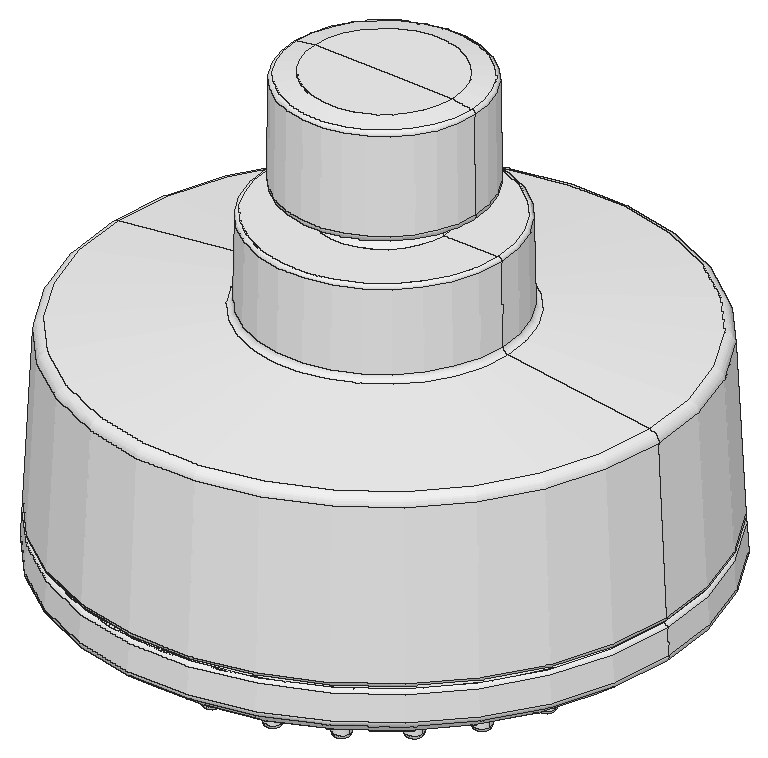
Revit family "Shower_Head-GROHE-Cosmopolitan_100-27591_Series", category Plumbing Fixtures, Revit 2014
Parameters (values of type "27591000")
  Width = 3 15/16"
  Waste Connection = no
  Warranty Information = "Limited Lifetime Warranty"
  WFU = 4
  Vent Connection = no
  URL = "http://www.grohe.com/"
  Product Page URL = "http://www.grohe.com/ca-en/6422/showers/hand-showers-shower-sets/tempesta-cosmopolitan/product-details/?product=27591-G290&color=000&material=27591EN0"
  Price = "Prices may vary. Please consult Manufacturer Representative for most up-to-date price list."  # constant formula
  Model = "27591000"
  Material = "Metal-Grohe-000-Chrome"
  Manufacturer = "GROHE"
  Height = 3 79/256"
  HWFU = 3
  HW Connection = yes
  Flow Rate = "2.5 gpm at 80 psi (9.5 L/min)"
  Finish = Metal-Grohe-000-Chrome
  Description = "New Tempesta Cosmopolitan 100."
  Default Elevation = 0"
  Creation Date = "11/11/2016"
  Connection Diameter = 1/2"
  CWFU = 2
  CW Connection = yes
  Assembly Code = "D2010700"
Types (3): name | Product Page URL | Model | Material | Finish
  (no name) | "http://www.grohe.com/ca-en/6422/showers/hand-showers-shower-sets/tempesta-cosmopolitan/product-details/?product=27591-G290&color=000&material=27591EN0" | "27591000" | "Metal-Grohe-000-Chrome" | Metal-Grohe-000-Chrome
  27591000 | "http://www.grohe.com/ca-en/6422/showers/hand-showers-shower-sets/tempesta-cosmopolitan/product-details/?product=27591-G290&color=000&material=27591EN0" | "27591000" | "Metal-Grohe-000-Chrome" | Metal-Grohe-000-Chrome
  27591EN0 | "http://www.grohe.com/ca-en/6422/showers/hand-showers-shower-sets/tempesta-cosmopolitan/product-details/?product=27591-G290&color=EN0&material=27591000" | "27591EN0" | "Metal-Grohe-EN0-Brushed Nickel" | Metal-Grohe-EN0-Brushed Nickel
Reference planes (in)
  plane 1 "Center (Front/Back)": y = 0
  plane 2: z = 0
  plane 3 "Center (Left/Right)": x = 0
  plane 4: z = -3.30859
  plane 5: x = 1.96875
  plane 6: x = -1.96875
Forms (in)
  Revolve 1, solid, material "Metal-Grohe-000-Chrome"
    sketch origin (0, 0, 0) x (1, 0, 0) y (0, 0, 1)
      loop
        line (0.62963, -0.66137) -> (0.6243, -0.04987)
        arc (0.6243, -0.04987) -> (0.61777, -0.03231) -> (0.60153, -0.02297) r 0.02756
        line (0.60153, -0.02297) -> (0.47124, 0) -> (0, 0) -> (0, -3.30341) -> (0.35265, -3.30341)
        arc (0.35265, -3.30341) -> (0.42531, -3.2875) -> (0.4895, -3.24992) r 0.23774
        arc (0.4895, -3.24992) -> (0.98765, -3.1992) -> (1.48507, -3.1417) r 36.71042
        arc (1.48507, -3.1417) -> (1.62894, -3.11169) -> (1.7658, -3.05813) r 0.87879
        arc (1.7658, -3.05813) -> (1.78175, -3.05446) -> (1.79598, -3.04636) r 0.05633
        arc (1.79598, -3.04636) -> (1.87067, -2.99765) -> (1.94049, -2.94218) r 0.95456
        arc (1.94049, -2.94218) -> (1.95079, -2.92794) -> (1.95384, -2.91063) r 0.03917
        line (1.95384, -2.91063) -> (1.94486, -2.73969)
        arc (1.94486, -2.73969) -> (1.93544, -2.72612) -> (1.92069, -2.71869) r 0.03357
        line (1.92069, -2.71869) -> (1.84693, -2.71869) -> (1.82174, -2.699) -> (1.92176, -2.699)
        arc (1.92176, -2.699) -> (1.93591, -2.69292) -> (1.94124, -2.67848) r 0.0195
        line (1.94124, -2.67848) -> (1.88604, -1.62519)
        arc (1.88604, -1.62519) -> (1.86796, -1.58151) -> (1.82642, -1.55892) r 0.07087
        arc (1.82642, -1.55892) -> (1.3395, -1.49166) -> (0.8502, -1.44473) r 11.81102
        arc (0.8502, -1.44473) -> (0.82451, -1.4325) -> (0.81377, -1.40615) r 0.03937
        line (0.81377, -1.40615) -> (0.80474, -0.88875)
        arc (0.80474, -0.88875) -> (0.79768, -0.87231) -> (0.78112, -0.86554) r 0.02362
        line (0.78112, -0.86554) -> (0.40709, -0.86554) -> (0.36417, -0.82262) -> (0.36417, -0.75728)
        arc (0.36417, -0.75728) -> (0.37378, -0.72499) -> (0.39948, -0.70321) r 0.05906
        line (0.39948, -0.70321) -> (0.58815, -0.70321)
        arc (0.58815, -0.70321) -> (0.61761, -0.69093) -> (0.62963, -0.66137) r 0.04148
      axis (0, 0) -> (0, -3.30341)
    angle from 0 to 360
  Extrusion 2, solid, material "Metal-Grohe-000-Chrome"
    sketch origin (0, 0, 0) x (0, 1, 0) y (0, 0, 1)
      loop
        arc (2.76106, -2.89823) -> (2.76275, -2.88209) -> (2.75148, -2.87041) r 0.0192
        line (2.75148, -2.87041) -> (2.11117, -2.62462)
        arc (2.11117, -2.62462) -> (2.07214, -2.62446) -> (2.04153, -2.64868) r 0.05907
        line (2.04153, -2.64868) -> (1.99909, -2.71567)
        arc (1.99909, -2.71567) -> (1.98669, -2.72733) -> (1.9702, -2.73156) r 0.0342
        line (1.9702, -2.73156) -> (1.93062, -2.73156) -> (1.79627, -2.73156) -> (1.79627, -3.05147) -> (2.41947, -3.4279)
        arc (2.41947, -3.4279) -> (2.43459, -3.43019) -> (2.44689, -3.4211) r 0.01995
        line (2.44689, -3.4211) -> (2.76106, -2.89823)
    from -0.07874 to 0.07874
  Revolve 3, solid, material "Metal-Grohe-000-Chrome"
    sketch origin (-0.17258, 0, -0.07227) x (1, 0, 0) y (0, 0, 1)
      loop
        line (1.04554, -3.11087) -> (1.04554, -3.20633)
        arc (1.04554, -3.20633) -> (1.06519, -3.20391) -> (1.08439, -3.19913) r 0.16337
        arc (1.08439, -3.19913) -> (1.09702, -3.19009) -> (1.10186, -3.17532) r 0.02495
        line (1.10186, -3.17532) -> (1.10186, -3.11087)
        arc (1.10186, -3.11087) -> (1.0737, -3.10757) -> (1.04554, -3.11087) r 0.12166
      axis (1.04554, -3.11087) -> (1.04554, -3.20633)
    angle from 0 to 360
  Revolve 4, solid, material "Metal-Grohe-000-Chrome"
    sketch origin (0.1286, 0, -0.05664) x (1, 0, 0) y (0, 0, 1)
      loop
        line (1.04554, -3.11087) -> (1.04554, -3.20633)
        arc (1.04554, -3.20633) -> (1.06519, -3.20391) -> (1.08439, -3.19913) r 0.16337
        arc (1.08439, -3.19913) -> (1.09702, -3.19009) -> (1.10186, -3.17532) r 0.02495
        line (1.10186, -3.17532) -> (1.10186, -3.11087)
        arc (1.10186, -3.11087) -> (1.0737, -3.10757) -> (1.04554, -3.11087) r 0.12166
      axis (1.04554, -3.11087) -> (1.04554, -3.20633)
    angle from 0 to 360
  Revolve 5, solid, material "Metal-Grohe-000-Chrome"
    sketch origin (0.42978, 0, -0.05664) x (1, 0, 0) y (0, 0, 1)
      loop
        line (1.04554, -3.06233) -> (1.04554, -3.20633)
        arc (1.04554, -3.20633) -> (1.06519, -3.20391) -> (1.08439, -3.19913) r 0.16337
        arc (1.08439, -3.19913) -> (1.09702, -3.19009) -> (1.10186, -3.17532) r 0.02495
        line (1.10186, -3.17532) -> (1.10186, -3.06305)
        arc (1.10186, -3.06305) -> (1.07374, -3.05939) -> (1.04554, -3.06233) r 0.12166
      axis (1.04554, -3.06233) -> (1.04554, -3.20633)
    angle from 0 to 360
  Revolve 6, solid, material "Metal-Grohe-000-Chrome"
    sketch origin (0.08839, -0.30739, -0.05664) x (1, 0, 0) y (0, 0, 1)
      loop
        line (1.04554, -3.11087) -> (1.04554, -3.20633)
        arc (1.04554, -3.20633) -> (1.06519, -3.20391) -> (1.08439, -3.19913) r 0.16337
        arc (1.08439, -3.19913) -> (1.09702, -3.19009) -> (1.10186, -3.17532) r 0.02495
        line (1.10186, -3.17532) -> (1.10186, -3.11087)
        arc (1.10186, -3.11087) -> (1.0737, -3.10757) -> (1.04554, -3.11087) r 0.12166
      axis (1.04554, -3.11087) -> (1.04554, -3.20633)
    angle from 0 to 360
  Revolve 7, solid, material "Metal-Grohe-000-Chrome"
    sketch origin (0.37931, -0.38534, -0.05664) x (1, 0, 0) y (0, 0, 1)
      loop
        line (1.04554, -3.07572) -> (1.04554, -3.20633)
        arc (1.04554, -3.20633) -> (1.06519, -3.20391) -> (1.08439, -3.19913) r 0.16337
        arc (1.08439, -3.19913) -> (1.09702, -3.19009) -> (1.10186, -3.17532) r 0.02495
        line (1.10186, -3.17532) -> (1.10186, -3.07572)
        arc (1.10186, -3.07572) -> (1.0737, -3.07241) -> (1.04554, -3.07572) r 0.12166
      axis (1.04554, -3.07572) -> (1.04554, -3.20633)
    angle from 0 to 360
  Revolve 8, solid, material "Metal-Grohe-000-Chrome"
    sketch origin (0.22978, -0.75543, -0.05664) x (1, 0, 0) y (0, 0, 1)
      loop
        line (1.04554, -3.07817) -> (1.04554, -3.20633)
        arc (1.04554, -3.20633) -> (1.06519, -3.20391) -> (1.08439, -3.19913) r 0.16337
        arc (1.08439, -3.19913) -> (1.09702, -3.19009) -> (1.10186, -3.17532) r 0.02495
        line (1.10186, -3.17532) -> (1.10186, -3.07721)
        arc (1.10186, -3.07721) -> (1.07365, -3.07439) -> (1.04554, -3.07817) r 0.12166
      axis (1.04554, -3.07721) -> (1.04554, -3.20633)
    angle from 0 to 360
  Revolve 9, solid, material "Metal-Grohe-000-Chrome"
    sketch origin (-0.02941, -0.58711, -0.05664) x (1, 0, 0) y (0, 0, 1)
      loop
        line (1.04554, -3.11087) -> (1.04554, -3.20633)
        arc (1.04554, -3.20633) -> (1.06519, -3.20391) -> (1.08439, -3.19913) r 0.16337
        arc (1.08439, -3.19913) -> (1.09702, -3.19009) -> (1.10186, -3.17532) r 0.02495
        line (1.10186, -3.17532) -> (1.10186, -3.11087)
        arc (1.10186, -3.11087) -> (1.0737, -3.10757) -> (1.04554, -3.11087) r 0.12166
      axis (1.04554, -3.11087) -> (1.04554, -3.20633)
    angle from 0 to 360
  Revolve 10, solid, material "Metal-Grohe-000-Chrome"
    sketch origin (-0.21794, -0.84659, -0.05664) x (1, 0, 0) y (0, 0, 1)
      loop
        line (1.04554, -3.11087) -> (1.04554, -3.20633)
        arc (1.04554, -3.20633) -> (1.06519, -3.20391) -> (1.08439, -3.19913) r 0.16337
        arc (1.08439, -3.19913) -> (1.09702, -3.19009) -> (1.10186, -3.17532) r 0.02495
        line (1.10186, -3.17532) -> (1.10186, -3.11087)
        arc (1.10186, -3.11087) -> (1.0737, -3.10757) -> (1.04554, -3.11087) r 0.12166
      axis (1.04554, -3.11087) -> (1.04554, -3.20633)
    angle from 0 to 360
  Revolve 11, solid, material "Metal-Grohe-000-Chrome"
    sketch origin (-0.61161, -0.76291, -0.07227) x (1, 0, 0) y (0, 0, 1)
      loop
        line (1.04554, -3.11087) -> (1.04554, -3.20633)
        arc (1.04554, -3.20633) -> (1.06519, -3.20391) -> (1.08439, -3.19913) r 0.16337
        arc (1.08439, -3.19913) -> (1.09702, -3.19009) -> (1.10186, -3.17532) r 0.02495
        line (1.10186, -3.17532) -> (1.10186, -3.11087)
        arc (1.10186, -3.11087) -> (1.0737, -3.10757) -> (1.04554, -3.11087) r 0.12166
      axis (1.04554, -3.11087) -> (1.04554, -3.20633)
    angle from 0 to 360
  Revolve 12, solid, material "Metal-Grohe-000-Chrome"
    sketch origin (-0.46146, -1.0128, -0.05664) x (1, 0, 0) y (0, 0, 1)
      loop
        line (1.04554, -3.11087) -> (1.04554, -3.20633)
        arc (1.04554, -3.20633) -> (1.06519, -3.20391) -> (1.08439, -3.19913) r 0.16337
        arc (1.08439, -3.19913) -> (1.09702, -3.19009) -> (1.10186, -3.17532) r 0.02495
        line (1.10186, -3.17532) -> (1.10186, -3.11087)
        arc (1.10186, -3.11087) -> (1.0737, -3.10757) -> (1.04554, -3.11087) r 0.12166
      axis (1.04554, -3.11087) -> (1.04554, -3.20633)
    angle from 0 to 360
  Revolve 13, solid, material "Metal-Grohe-000-Chrome"
    sketch origin (-0.00382, -1.0448, -0.05664) x (1, 0, 0) y (0, 0, 1)
      loop
        line (1.04554, -3.0662) -> (1.04554, -3.20633)
        arc (1.04554, -3.20633) -> (1.06519, -3.20391) -> (1.08439, -3.19913) r 0.16337
        arc (1.08439, -3.19913) -> (1.09702, -3.19009) -> (1.10186, -3.17532) r 0.02495
        line (1.10186, -3.17532) -> (1.10186, -3.06647)
        arc (1.10186, -3.06647) -> (1.07372, -3.06303) -> (1.04554, -3.0662) r 0.12166
      axis (1.04554, -3.0662) -> (1.04554, -3.20633)
    angle from 0 to 360
  Revolve 14, solid, material "Metal-Grohe-000-Chrome"
    sketch origin (-0.31042, -1.28434, -0.05664) x (1, 0, 0) y (0, 0, 1)
      loop
        line (1.04554, -3.07603) -> (1.04554, -3.20633)
        arc (1.04554, -3.20633) -> (1.06519, -3.20391) -> (1.08439, -3.19913) r 0.16337
        arc (1.08439, -3.19913) -> (1.09702, -3.19009) -> (1.10186, -3.17532) r 0.02495
        line (1.10186, -3.17532) -> (1.10186, -3.07631)
        arc (1.10186, -3.07631) -> (1.07372, -3.07286) -> (1.04554, -3.07603) r 0.12166
      axis (1.04554, -3.07603) -> (1.04554, -3.20633)
    angle from 0 to 360
  Revolve 15, solid, material "Metal-Grohe-000-Chrome"
    sketch origin (-0.66741, -1.42858, -0.05664) x (1, 0, 0) y (0, 0, 1)
      loop
        line (1.04554, -3.11087) -> (1.04554, -3.20633)
        arc (1.04554, -3.20633) -> (1.06519, -3.20391) -> (1.08439, -3.19913) r 0.16337
        arc (1.08439, -3.19913) -> (1.09702, -3.19009) -> (1.10186, -3.17532) r 0.02495
        line (1.10186, -3.17532) -> (1.10186, -3.11087)
        arc (1.10186, -3.11087) -> (1.0737, -3.10757) -> (1.04554, -3.11087) r 0.12166
      axis (1.04554, -3.11087) -> (1.04554, -3.20633)
    angle from 0 to 360
  Revolve 16, solid, material "Metal-Grohe-000-Chrome"
    sketch origin (-0.74536, -1.13766, -0.05664) x (1, 0, 0) y (0, 0, 1)
      loop
        line (1.04554, -3.11087) -> (1.04554, -3.20633)
        arc (1.04554, -3.20633) -> (1.06519, -3.20391) -> (1.08439, -3.19913) r 0.16337
        arc (1.08439, -3.19913) -> (1.09702, -3.19009) -> (1.10186, -3.17532) r 0.02495
        line (1.10186, -3.17532) -> (1.10186, -3.11087)
        arc (1.10186, -3.11087) -> (1.0737, -3.10757) -> (1.04554, -3.11087) r 0.12166
      axis (1.04554, -3.11087) -> (1.04554, -3.20633)
    angle from 0 to 360
  Revolve 17, solid, material "Metal-Grohe-000-Chrome"
    sketch origin (-1.05088, -1.18605, -0.05664) x (1, 0, 0) y (0, 0, 1)
      loop
        line (1.04554, -3.11087) -> (1.04554, -3.20633)
        arc (1.04554, -3.20633) -> (1.06519, -3.20391) -> (1.08439, -3.19913) r 0.16337
        arc (1.08439, -3.19913) -> (1.09702, -3.19009) -> (1.10186, -3.17532) r 0.02495
        line (1.10186, -3.17532) -> (1.10186, -3.11087)
        arc (1.10186, -3.11087) -> (1.0737, -3.10757) -> (1.04554, -3.11087) r 0.12166
      axis (1.04554, -3.11087) -> (1.04554, -3.20633)
    angle from 0 to 360
  Revolve 18, solid, material "Metal-Grohe-000-Chrome"
    sketch origin (-1.05088, -1.4733, -0.05664) x (1, 0, 0) y (0, 0, 1)
      loop
        line (1.04554, -3.08037) -> (1.04554, -3.20633)
        arc (1.04554, -3.20633) -> (1.06519, -3.20391) -> (1.08439, -3.19913) r 0.16337
        arc (1.08439, -3.19913) -> (1.09702, -3.19009) -> (1.10186, -3.17532) r 0.02495
        line (1.10186, -3.17532) -> (1.10186, -3.08203)
        arc (1.10186, -3.08203) -> (1.0738, -3.0779) -> (1.04554, -3.08037) r 0.12166
      axis (1.04554, -3.08037) -> (1.04554, -3.20633)
    angle from 0 to 360
  Revolve 19, solid, material "Metal-Grohe-000-Chrome"
    sketch origin (-1.05088, -0.73413, -0.07227) x (1, 0, 0) y (0, 0, 1)
      loop
        line (1.04554, -3.11087) -> (1.04554, -3.20633)
        arc (1.04554, -3.20633) -> (1.06519, -3.20391) -> (1.08439, -3.19913) r 0.16337
        arc (1.08439, -3.19913) -> (1.09702, -3.19009) -> (1.10186, -3.17532) r 0.02495
        line (1.10186, -3.17532) -> (1.10186, -3.11087)
        arc (1.10186, -3.11087) -> (1.0737, -3.10757) -> (1.04554, -3.11087) r 0.12166
      axis (1.04554, -3.11087) -> (1.04554, -3.20633)
    angle from 0 to 360
  Revolve 20, solid, material "Metal-Grohe-000-Chrome"
    sketch origin (-0.40903, -0.36356, -0.07227) x (1, 0, 0) y (0, 0, 1)
      loop
        line (1.04554, -3.11087) -> (1.04554, -3.20633)
        arc (1.04554, -3.20633) -> (1.06519, -3.20391) -> (1.08439, -3.19913) r 0.16337
        arc (1.08439, -3.19913) -> (1.09702, -3.19009) -> (1.10186, -3.17532) r 0.02495
        line (1.10186, -3.17532) -> (1.10186, -3.11087)
        arc (1.10186, -3.11087) -> (1.0737, -3.10757) -> (1.04554, -3.11087) r 0.12166
      axis (1.04554, -3.11087) -> (1.04554, -3.20633)
    angle from 0 to 360
  Revolve 21, solid, material "Metal-Grohe-000-Chrome"
    sketch origin (-0.17258, 0, -0.07227) x (1, 0, 0) y (0, 0, -1)
      loop
        arc (1.04554, 3.11087) -> (1.0737, 3.10757) -> (1.10186, 3.11087) r 0.12166
        line (1.10186, 3.11087) -> (1.10186, 3.17532)
        arc (1.10186, 3.17532) -> (1.09702, 3.19009) -> (1.08439, 3.19913) r 0.02495
        arc (1.08439, 3.19913) -> (1.06519, 3.20391) -> (1.04554, 3.20633) r 0.16337
        line (1.04554, 3.20633) -> (1.04554, 3.11087)
      axis (1.04554, 3.11087) -> (1.04554, 3.20633)
    angle from 0 to 360
  Revolve 22, solid, material "Metal-Grohe-000-Chrome"
    sketch origin (0.1286, 0, -0.05664) x (1, 0, 0) y (0, 0, -1)
      loop
        arc (1.04554, 3.11087) -> (1.0737, 3.10757) -> (1.10186, 3.11087) r 0.12166
        line (1.10186, 3.11087) -> (1.10186, 3.17532)
        arc (1.10186, 3.17532) -> (1.09702, 3.19009) -> (1.08439, 3.19913) r 0.02495
        arc (1.08439, 3.19913) -> (1.06519, 3.20391) -> (1.04554, 3.20633) r 0.16337
        line (1.04554, 3.20633) -> (1.04554, 3.11087)
      axis (1.04554, 3.11087) -> (1.04554, 3.20633)
    angle from 0 to 360
  Revolve 23, solid, material "Metal-Grohe-000-Chrome"
    sketch origin (0.42978, 0, -0.05664) x (1, 0, 0) y (0, 0, -1)
      loop
        arc (1.04554, 3.07176) -> (1.07363, 3.06786) -> (1.10186, 3.07057) r 0.12166
        line (1.10186, 3.07057) -> (1.10186, 3.17532)
        arc (1.10186, 3.17532) -> (1.09702, 3.19009) -> (1.08439, 3.19913) r 0.02495
        arc (1.08439, 3.19913) -> (1.06519, 3.20391) -> (1.04554, 3.20633) r 0.16337
        line (1.04554, 3.20633) -> (1.04554, 3.07176)
      axis (1.04554, 3.07057) -> (1.04554, 3.20633)
    angle from 0 to 360
  Revolve 24, solid, material "Metal-Grohe-000-Chrome"
    sketch origin (0.1286, 0, -0.05664) x (1, 0, 0) y (0, 0, -1)
      loop
        arc (1.04554, 3.11087) -> (1.0737, 3.10757) -> (1.10186, 3.11087) r 0.12166
        line (1.10186, 3.11087) -> (1.10186, 3.17532)
        arc (1.10186, 3.17532) -> (1.09702, 3.19009) -> (1.08439, 3.19913) r 0.02495
        arc (1.08439, 3.19913) -> (1.06519, 3.20391) -> (1.04554, 3.20633) r 0.16337
        line (1.04554, 3.20633) -> (1.04554, 3.11087)
      axis (1.04554, 3.11087) -> (1.04554, 3.20633)
    angle from 0 to 360
  Revolve 25, solid, material "Metal-Grohe-000-Chrome"
    sketch origin (0.42978, 0, -0.05664) x (1, 0, 0) y (0, 0, -1)
      loop
        arc (1.04554, 3.06233) -> (1.07374, 3.05939) -> (1.10186, 3.06305) r 0.12166
        line (1.10186, 3.06305) -> (1.10186, 3.17532)
        arc (1.10186, 3.17532) -> (1.09702, 3.19009) -> (1.08439, 3.19913) r 0.02495
        arc (1.08439, 3.19913) -> (1.06519, 3.20391) -> (1.04554, 3.20633) r 0.16337
        line (1.04554, 3.20633) -> (1.04554, 3.06233)
      axis (1.04554, 3.06233) -> (1.04554, 3.20633)
    angle from 0 to 360
  Revolve 26, solid, material "Metal-Grohe-000-Chrome"
    sketch origin (0.08839, 0.30739, -0.05664) x (1, 0, 0) y (0, 0, -1)
      loop
        arc (1.04554, 3.11087) -> (1.0737, 3.10757) -> (1.10186, 3.11087) r 0.12166
        line (1.10186, 3.11087) -> (1.10186, 3.17532)
        arc (1.10186, 3.17532) -> (1.09702, 3.19009) -> (1.08439, 3.19913) r 0.02495
        arc (1.08439, 3.19913) -> (1.06519, 3.20391) -> (1.04554, 3.20633) r 0.16337
        line (1.04554, 3.20633) -> (1.04554, 3.11087)
      axis (1.04554, 3.11087) -> (1.04554, 3.20633)
    angle from 0 to 360
  Revolve 27, solid, material "Metal-Grohe-000-Chrome"
    sketch origin (0.37931, 0.38534, -0.05664) x (1, 0, 0) y (0, 0, -1)
      loop
        arc (1.04554, 3.07572) -> (1.0737, 3.07241) -> (1.10186, 3.07572) r 0.12166
        line (1.10186, 3.07572) -> (1.10186, 3.17532)
        arc (1.10186, 3.17532) -> (1.09702, 3.19009) -> (1.08439, 3.19913) r 0.02495
        arc (1.08439, 3.19913) -> (1.06519, 3.20391) -> (1.04554, 3.20633) r 0.16337
        line (1.04554, 3.20633) -> (1.04554, 3.07572)
      axis (1.04554, 3.07572) -> (1.04554, 3.20633)
    angle from 0 to 360
  Revolve 28, solid, material "Metal-Grohe-000-Chrome"
    sketch origin (0.22978, 0.75543, -0.05664) x (1, 0, 0) y (0, 0, -1)
      loop
        arc (1.04554, 3.07817) -> (1.07365, 3.07439) -> (1.10186, 3.07721) r 0.12166
        line (1.10186, 3.07721) -> (1.10186, 3.17532)
        arc (1.10186, 3.17532) -> (1.09702, 3.19009) -> (1.08439, 3.19913) r 0.02495
        arc (1.08439, 3.19913) -> (1.06519, 3.20391) -> (1.04554, 3.20633) r 0.16337
        line (1.04554, 3.20633) -> (1.04554, 3.07817)
      axis (1.04554, 3.07721) -> (1.04554, 3.20633)
    angle from 0 to 360
  Revolve 29, solid, material "Metal-Grohe-000-Chrome"
    sketch origin (-0.02941, 0.58711, -0.05664) x (1, 0, 0) y (0, 0, -1)
      loop
        arc (1.04554, 3.11087) -> (1.0737, 3.10757) -> (1.10186, 3.11087) r 0.12166
        line (1.10186, 3.11087) -> (1.10186, 3.17532)
        arc (1.10186, 3.17532) -> (1.09702, 3.19009) -> (1.08439, 3.19913) r 0.02495
        arc (1.08439, 3.19913) -> (1.06519, 3.20391) -> (1.04554, 3.20633) r 0.16337
        line (1.04554, 3.20633) -> (1.04554, 3.11087)
      axis (1.04554, 3.11087) -> (1.04554, 3.20633)
    angle from 0 to 360
  Revolve 30, solid, material "Metal-Grohe-000-Chrome"
    sketch origin (-0.21794, 0.84659, -0.05664) x (1, 0, 0) y (0, 0, -1)
      loop
        arc (1.04554, 3.11087) -> (1.0737, 3.10757) -> (1.10186, 3.11087) r 0.12166
        line (1.10186, 3.11087) -> (1.10186, 3.17532)
        arc (1.10186, 3.17532) -> (1.09702, 3.19009) -> (1.08439, 3.19913) r 0.02495
        arc (1.08439, 3.19913) -> (1.06519, 3.20391) -> (1.04554, 3.20633) r 0.16337
        line (1.04554, 3.20633) -> (1.04554, 3.11087)
      axis (1.04554, 3.11087) -> (1.04554, 3.20633)
    angle from 0 to 360
  Revolve 31, solid, material "Metal-Grohe-000-Chrome"
    sketch origin (-0.61161, 0.76291, -0.07227) x (1, 0, 0) y (0, 0, -1)
      loop
        arc (1.04554, 3.11087) -> (1.0737, 3.10757) -> (1.10186, 3.11087) r 0.12166
        line (1.10186, 3.11087) -> (1.10186, 3.17532)
        arc (1.10186, 3.17532) -> (1.09702, 3.19009) -> (1.08439, 3.19913) r 0.02495
        arc (1.08439, 3.19913) -> (1.06519, 3.20391) -> (1.04554, 3.20633) r 0.16337
        line (1.04554, 3.20633) -> (1.04554, 3.11087)
      axis (1.04554, 3.11087) -> (1.04554, 3.20633)
    angle from 0 to 360
  Revolve 32, solid, material "Metal-Grohe-000-Chrome"
    sketch origin (-0.46146, 1.0128, -0.05664) x (1, 0, 0) y (0, 0, -1)
      loop
        arc (1.04554, 3.11087) -> (1.0737, 3.10757) -> (1.10186, 3.11087) r 0.12166
        line (1.10186, 3.11087) -> (1.10186, 3.17532)
        arc (1.10186, 3.17532) -> (1.09702, 3.19009) -> (1.08439, 3.19913) r 0.02495
        arc (1.08439, 3.19913) -> (1.06519, 3.20391) -> (1.04554, 3.20633) r 0.16337
        line (1.04554, 3.20633) -> (1.04554, 3.11087)
      axis (1.04554, 3.11087) -> (1.04554, 3.20633)
    angle from 0 to 360
  Revolve 33, solid, material "Metal-Grohe-000-Chrome"
    sketch origin (-0.00382, 1.0448, -0.05664) x (1, 0, 0) y (0, 0, -1)
      loop
        arc (1.04554, 3.0662) -> (1.07372, 3.06303) -> (1.10186, 3.06647) r 0.12166
        line (1.10186, 3.06647) -> (1.10186, 3.17532)
        arc (1.10186, 3.17532) -> (1.09702, 3.19009) -> (1.08439, 3.19913) r 0.02495
        arc (1.08439, 3.19913) -> (1.06519, 3.20391) -> (1.04554, 3.20633) r 0.16337
        line (1.04554, 3.20633) -> (1.04554, 3.0662)
      axis (1.04554, 3.0662) -> (1.04554, 3.20633)
    angle from 0 to 360
  Revolve 34, solid, material "Metal-Grohe-000-Chrome"
    sketch origin (-0.31042, 1.28434, -0.05664) x (1, 0, 0) y (0, 0, -1)
      loop
        arc (1.04554, 3.07603) -> (1.07372, 3.07286) -> (1.10186, 3.07631) r 0.12166
        line (1.10186, 3.07631) -> (1.10186, 3.17532)
        arc (1.10186, 3.17532) -> (1.09702, 3.19009) -> (1.08439, 3.19913) r 0.02495
        arc (1.08439, 3.19913) -> (1.06519, 3.20391) -> (1.04554, 3.20633) r 0.16337
        line (1.04554, 3.20633) -> (1.04554, 3.07603)
      axis (1.04554, 3.07603) -> (1.04554, 3.20633)
    angle from 0 to 360
  Revolve 35, solid, material "Metal-Grohe-000-Chrome"
    sketch origin (-0.66741, 1.42858, -0.05664) x (1, 0, 0) y (0, 0, -1)
      loop
        arc (1.04554, 3.11087) -> (1.0737, 3.10757) -> (1.10186, 3.11087) r 0.12166
        line (1.10186, 3.11087) -> (1.10186, 3.17532)
        arc (1.10186, 3.17532) -> (1.09702, 3.19009) -> (1.08439, 3.19913) r 0.02495
        arc (1.08439, 3.19913) -> (1.06519, 3.20391) -> (1.04554, 3.20633) r 0.16337
        line (1.04554, 3.20633) -> (1.04554, 3.11087)
      axis (1.04554, 3.11087) -> (1.04554, 3.20633)
    angle from 0 to 360
  Revolve 36, solid, material "Metal-Grohe-000-Chrome"
    sketch origin (-0.74536, 1.13766, -0.05664) x (1, 0, 0) y (0, 0, -1)
      loop
        arc (1.04554, 3.11087) -> (1.0737, 3.10757) -> (1.10186, 3.11087) r 0.12166
        line (1.10186, 3.11087) -> (1.10186, 3.17532)
        arc (1.10186, 3.17532) -> (1.09702, 3.19009) -> (1.08439, 3.19913) r 0.02495
        arc (1.08439, 3.19913) -> (1.06519, 3.20391) -> (1.04554, 3.20633) r 0.16337
        line (1.04554, 3.20633) -> (1.04554, 3.11087)
      axis (1.04554, 3.11087) -> (1.04554, 3.20633)
    angle from 0 to 360
  Revolve 37, solid, material "Metal-Grohe-000-Chrome"
    sketch origin (-1.05088, 1.18605, -0.05664) x (1, 0, 0) y (0, 0, -1)
      loop
        arc (1.04554, 3.11087) -> (1.0737, 3.10757) -> (1.10186, 3.11087) r 0.12166
        line (1.10186, 3.11087) -> (1.10186, 3.17532)
        arc (1.10186, 3.17532) -> (1.09702, 3.19009) -> (1.08439, 3.19913) r 0.02495
        arc (1.08439, 3.19913) -> (1.06519, 3.20391) -> (1.04554, 3.20633) r 0.16337
        line (1.04554, 3.20633) -> (1.04554, 3.11087)
      axis (1.04554, 3.11087) -> (1.04554, 3.20633)
    angle from 0 to 360
  Revolve 38, solid, material "Metal-Grohe-000-Chrome"
    sketch origin (-1.05088, 1.4733, -0.05664) x (1, 0, 0) y (0, 0, -1)
      loop
        arc (1.04554, 3.08037) -> (1.0738, 3.0779) -> (1.10186, 3.08203) r 0.12166
        line (1.10186, 3.08203) -> (1.10186, 3.17532)
        arc (1.10186, 3.17532) -> (1.09702, 3.19009) -> (1.08439, 3.19913) r 0.02495
        arc (1.08439, 3.19913) -> (1.06519, 3.20391) -> (1.04554, 3.20633) r 0.16337
        line (1.04554, 3.20633) -> (1.04554, 3.08037)
      axis (1.04554, 3.08037) -> (1.04554, 3.20633)
    angle from 0 to 360
  Revolve 39, solid, material "Metal-Grohe-000-Chrome"
    sketch origin (-1.05088, 0.73413, -0.07227) x (1, 0, 0) y (0, 0, -1)
      loop
        arc (1.04554, 3.11087) -> (1.0737, 3.10757) -> (1.10186, 3.11087) r 0.12166
        line (1.10186, 3.11087) -> (1.10186, 3.17532)
        arc (1.10186, 3.17532) -> (1.09702, 3.19009) -> (1.08439, 3.19913) r 0.02495
        arc (1.08439, 3.19913) -> (1.06519, 3.20391) -> (1.04554, 3.20633) r 0.16337
        line (1.04554, 3.20633) -> (1.04554, 3.11087)
      axis (1.04554, 3.11087) -> (1.04554, 3.20633)
    angle from 0 to 360
  Revolve 40, solid, material "Metal-Grohe-000-Chrome"
    sketch origin (-0.40903, 0.36356, -0.07227) x (1, 0, 0) y (0, 0, -1)
      loop
        arc (1.04554, 3.11087) -> (1.0737, 3.10757) -> (1.10186, 3.11087) r 0.12166
        line (1.10186, 3.11087) -> (1.10186, 3.17532)
        arc (1.10186, 3.17532) -> (1.09702, 3.19009) -> (1.08439, 3.19913) r 0.02495
        arc (1.08439, 3.19913) -> (1.06519, 3.20391) -> (1.04554, 3.20633) r 0.16337
        line (1.04554, 3.20633) -> (1.04554, 3.11087)
      axis (1.04554, 3.11087) -> (1.04554, 3.20633)
    angle from 0 to 360
  Revolve 41, solid, material "Metal-Grohe-000-Chrome"
    sketch origin (-0.17258, 0, -0.07227) x (1, 0, 0) y (0, 0, 1)
      loop
        line (1.04554, -3.11087) -> (1.04554, -3.20633)
        arc (1.04554, -3.20633) -> (1.06519, -3.20391) -> (1.08439, -3.19913) r 0.16337
        arc (1.08439, -3.19913) -> (1.09702, -3.19009) -> (1.10186, -3.17532) r 0.02495
        line (1.10186, -3.17532) -> (1.10186, -3.11087)
        arc (1.10186, -3.11087) -> (1.0737, -3.10757) -> (1.04554, -3.11087) r 0.12166
      axis (1.04554, -3.11087) -> (1.04554, -3.20633)
    angle from 0 to 360
  Revolve 42, solid, material "Metal-Grohe-000-Chrome"
    sketch origin (0.17258, 0, -0.07227) x (-1, 0, 0) y (0, 0, -1)
      loop
        arc (1.04554, 3.11087) -> (1.0737, 3.10757) -> (1.10186, 3.11087) r 0.12166
        line (1.10186, 3.11087) -> (1.10186, 3.17532)
        arc (1.10186, 3.17532) -> (1.09702, 3.19009) -> (1.08439, 3.19913) r 0.02495
        arc (1.08439, 3.19913) -> (1.06519, 3.20391) -> (1.04554, 3.20633) r 0.16337
        line (1.04554, 3.20633) -> (1.04554, 3.11087)
      axis (1.04554, 3.11087) -> (1.04554, 3.20633)
    angle from 0 to 360
  Revolve 43, solid, material "Metal-Grohe-000-Chrome"
    sketch origin (-0.1286, 0, -0.05664) x (-1, 0, 0) y (0, 0, -1)
      loop
        arc (1.04554, 3.11087) -> (1.0737, 3.10757) -> (1.10186, 3.11087) r 0.12166
        line (1.10186, 3.11087) -> (1.10186, 3.17532)
        arc (1.10186, 3.17532) -> (1.09702, 3.19009) -> (1.08439, 3.19913) r 0.02495
        arc (1.08439, 3.19913) -> (1.06519, 3.20391) -> (1.04554, 3.20633) r 0.16337
        line (1.04554, 3.20633) -> (1.04554, 3.11087)
      axis (1.04554, 3.11087) -> (1.04554, 3.20633)
    angle from 0 to 360
  Revolve 44, solid, material "Metal-Grohe-000-Chrome"
    sketch origin (-0.42978, 0, -0.05664) x (-1, 0, 0) y (0, 0, -1)
      loop
        arc (1.04554, 3.06233) -> (1.07374, 3.05939) -> (1.10186, 3.06305) r 0.12166
        line (1.10186, 3.06305) -> (1.10186, 3.17532)
        arc (1.10186, 3.17532) -> (1.09702, 3.19009) -> (1.08439, 3.19913) r 0.02495
        arc (1.08439, 3.19913) -> (1.06519, 3.20391) -> (1.04554, 3.20633) r 0.16337
        line (1.04554, 3.20633) -> (1.04554, 3.06233)
      axis (1.04554, 3.06233) -> (1.04554, 3.20633)
    angle from 0 to 360
  Revolve 45, solid, material "Metal-Grohe-000-Chrome"
    sketch origin (-0.08839, -0.30739, -0.05664) x (-1, 0, 0) y (0, 0, -1)
      loop
        arc (1.04554, 3.11087) -> (1.0737, 3.10757) -> (1.10186, 3.11087) r 0.12166
        line (1.10186, 3.11087) -> (1.10186, 3.17532)
        arc (1.10186, 3.17532) -> (1.09702, 3.19009) -> (1.08439, 3.19913) r 0.02495
        arc (1.08439, 3.19913) -> (1.06519, 3.20391) -> (1.04554, 3.20633) r 0.16337
        line (1.04554, 3.20633) -> (1.04554, 3.11087)
      axis (1.04554, 3.11087) -> (1.04554, 3.20633)
    angle from 0 to 360
  Revolve 46, solid, material "Metal-Grohe-000-Chrome"
    sketch origin (-0.37931, -0.38534, -0.05664) x (-1, 0, 0) y (0, 0, -1)
      loop
        arc (1.04554, 3.07572) -> (1.0737, 3.07241) -> (1.10186, 3.07572) r 0.12166
        line (1.10186, 3.07572) -> (1.10186, 3.17532)
        arc (1.10186, 3.17532) -> (1.09702, 3.19009) -> (1.08439, 3.19913) r 0.02495
        arc (1.08439, 3.19913) -> (1.06519, 3.20391) -> (1.04554, 3.20633) r 0.16337
        line (1.04554, 3.20633) -> (1.04554, 3.07572)
      axis (1.04554, 3.07572) -> (1.04554, 3.20633)
    angle from 0 to 360
  Revolve 47, solid, material "Metal-Grohe-000-Chrome"
    sketch origin (-0.22978, -0.75543, -0.05664) x (-1, 0, 0) y (0, 0, -1)
      loop
        arc (1.04554, 3.07817) -> (1.07365, 3.07439) -> (1.10186, 3.07721) r 0.12166
        line (1.10186, 3.07721) -> (1.10186, 3.17532)
        arc (1.10186, 3.17532) -> (1.09702, 3.19009) -> (1.08439, 3.19913) r 0.02495
        arc (1.08439, 3.19913) -> (1.06519, 3.20391) -> (1.04554, 3.20633) r 0.16337
        line (1.04554, 3.20633) -> (1.04554, 3.07817)
      axis (1.04554, 3.07721) -> (1.04554, 3.20633)
    angle from 0 to 360
  Revolve 48, solid, material "Metal-Grohe-000-Chrome"
    sketch origin (0.02941, -0.58711, -0.05664) x (-1, 0, 0) y (0, 0, -1)
      loop
        arc (1.04554, 3.11087) -> (1.0737, 3.10757) -> (1.10186, 3.11087) r 0.12166
        line (1.10186, 3.11087) -> (1.10186, 3.17532)
        arc (1.10186, 3.17532) -> (1.09702, 3.19009) -> (1.08439, 3.19913) r 0.02495
        arc (1.08439, 3.19913) -> (1.06519, 3.20391) -> (1.04554, 3.20633) r 0.16337
        line (1.04554, 3.20633) -> (1.04554, 3.11087)
      axis (1.04554, 3.11087) -> (1.04554, 3.20633)
    angle from 0 to 360
  Revolve 49, solid, material "Metal-Grohe-000-Chrome"
    sketch origin (0.21794, -0.84659, -0.05664) x (-1, 0, 0) y (0, 0, -1)
      loop
        arc (1.04554, 3.11087) -> (1.0737, 3.10757) -> (1.10186, 3.11087) r 0.12166
        line (1.10186, 3.11087) -> (1.10186, 3.17532)
        arc (1.10186, 3.17532) -> (1.09702, 3.19009) -> (1.08439, 3.19913) r 0.02495
        arc (1.08439, 3.19913) -> (1.06519, 3.20391) -> (1.04554, 3.20633) r 0.16337
        line (1.04554, 3.20633) -> (1.04554, 3.11087)
      axis (1.04554, 3.11087) -> (1.04554, 3.20633)
    angle from 0 to 360
  Revolve 50, solid, material "Metal-Grohe-000-Chrome"
    sketch origin (0.61161, -0.76291, -0.07227) x (-1, 0, 0) y (0, 0, -1)
      loop
        arc (1.04554, 3.11087) -> (1.0737, 3.10757) -> (1.10186, 3.11087) r 0.12166
        line (1.10186, 3.11087) -> (1.10186, 3.17532)
        arc (1.10186, 3.17532) -> (1.09702, 3.19009) -> (1.08439, 3.19913) r 0.02495
        arc (1.08439, 3.19913) -> (1.06519, 3.20391) -> (1.04554, 3.20633) r 0.16337
        line (1.04554, 3.20633) -> (1.04554, 3.11087)
      axis (1.04554, 3.11087) -> (1.04554, 3.20633)
    angle from 0 to 360
  Revolve 51, solid, material "Metal-Grohe-000-Chrome"
    sketch origin (0.46145, -1.0128, -0.05664) x (-1, 0, 0) y (0, 0, -1)
      loop
        arc (1.04554, 3.11087) -> (1.0737, 3.10757) -> (1.10186, 3.11087) r 0.12166
        line (1.10186, 3.11087) -> (1.10186, 3.17532)
        arc (1.10186, 3.17532) -> (1.09702, 3.19009) -> (1.08439, 3.19913) r 0.02495
        arc (1.08439, 3.19913) -> (1.06519, 3.20391) -> (1.04554, 3.20633) r 0.16337
        line (1.04554, 3.20633) -> (1.04554, 3.11087)
      axis (1.04554, 3.11087) -> (1.04554, 3.20633)
    angle from 0 to 360
  Revolve 52, solid, material "Metal-Grohe-000-Chrome"
    sketch origin (0.00382, -1.0448, -0.05664) x (-1, 0, 0) y (0, 0, -1)
      loop
        arc (1.04554, 3.0662) -> (1.07372, 3.06303) -> (1.10186, 3.06647) r 0.12166
        line (1.10186, 3.06647) -> (1.10186, 3.17532)
        arc (1.10186, 3.17532) -> (1.09702, 3.19009) -> (1.08439, 3.19913) r 0.02495
        arc (1.08439, 3.19913) -> (1.06519, 3.20391) -> (1.04554, 3.20633) r 0.16337
        line (1.04554, 3.20633) -> (1.04554, 3.0662)
      axis (1.04554, 3.0662) -> (1.04554, 3.20633)
    angle from 0 to 360
  Revolve 53, solid, material "Metal-Grohe-000-Chrome"
    sketch origin (0.31042, -1.28434, -0.05664) x (-1, 0, 0) y (0, 0, -1)
      loop
        arc (1.04554, 3.07603) -> (1.07372, 3.07286) -> (1.10186, 3.07631) r 0.12166
        line (1.10186, 3.07631) -> (1.10186, 3.17532)
        arc (1.10186, 3.17532) -> (1.09702, 3.19009) -> (1.08439, 3.19913) r 0.02495
        arc (1.08439, 3.19913) -> (1.06519, 3.20391) -> (1.04554, 3.20633) r 0.16337
        line (1.04554, 3.20633) -> (1.04554, 3.07603)
      axis (1.04554, 3.07603) -> (1.04554, 3.20633)
    angle from 0 to 360
  Revolve 54, solid, material "Metal-Grohe-000-Chrome"
    sketch origin (0.66741, -1.42858, -0.05664) x (-1, 0, 0) y (0, 0, -1)
      loop
        arc (1.04554, 3.11087) -> (1.0737, 3.10757) -> (1.10186, 3.11087) r 0.12166
        line (1.10186, 3.11087) -> (1.10186, 3.17532)
        arc (1.10186, 3.17532) -> (1.09702, 3.19009) -> (1.08439, 3.19913) r 0.02495
        arc (1.08439, 3.19913) -> (1.06519, 3.20391) -> (1.04554, 3.20633) r 0.16337
        line (1.04554, 3.20633) -> (1.04554, 3.11087)
      axis (1.04554, 3.11087) -> (1.04554, 3.20633)
    angle from 0 to 360
  Revolve 55, solid, material "Metal-Grohe-000-Chrome"
    sketch origin (0.74536, -1.13766, -0.05664) x (-1, 0, 0) y (0, 0, -1)
      loop
        arc (1.04554, 3.11087) -> (1.0737, 3.10757) -> (1.10186, 3.11087) r 0.12166
        line (1.10186, 3.11087) -> (1.10186, 3.17532)
        arc (1.10186, 3.17532) -> (1.09702, 3.19009) -> (1.08439, 3.19913) r 0.02495
        arc (1.08439, 3.19913) -> (1.06519, 3.20391) -> (1.04554, 3.20633) r 0.16337
        line (1.04554, 3.20633) -> (1.04554, 3.11087)
      axis (1.04554, 3.11087) -> (1.04554, 3.20633)
    angle from 0 to 360
  Revolve 56, solid, material "Metal-Grohe-000-Chrome"
    sketch origin (0.40903, -0.36356, -0.07227) x (-1, 0, 0) y (0, 0, -1)
      loop
        arc (1.04554, 3.11087) -> (1.0737, 3.10757) -> (1.10186, 3.11087) r 0.12166
        line (1.10186, 3.11087) -> (1.10186, 3.17532)
        arc (1.10186, 3.17532) -> (1.09702, 3.19009) -> (1.08439, 3.19913) r 0.02495
        arc (1.08439, 3.19913) -> (1.06519, 3.20391) -> (1.04554, 3.20633) r 0.16337
        line (1.04554, 3.20633) -> (1.04554, 3.11087)
      axis (1.04554, 3.11087) -> (1.04554, 3.20633)
    angle from 0 to 360
  Revolve 57, solid, material "Metal-Grohe-000-Chrome"
    sketch origin (0.17258, 0, -0.07227) x (-1, 0, 0) y (0, 0, 1)
      loop
        line (1.04554, -3.11087) -> (1.04554, -3.20633)
        arc (1.04554, -3.20633) -> (1.06519, -3.20391) -> (1.08439, -3.19913) r 0.16337
        arc (1.08439, -3.19913) -> (1.09702, -3.19009) -> (1.10186, -3.17532) r 0.02495
        line (1.10186, -3.17532) -> (1.10186, -3.11087)
        arc (1.10186, -3.11087) -> (1.0737, -3.10757) -> (1.04554, -3.11087) r 0.12166
      axis (1.04554, -3.11087) -> (1.04554, -3.20633)
    angle from 0 to 360
  Revolve 58, solid, material "Metal-Grohe-000-Chrome"
    sketch origin (-0.1286, 0, -0.05664) x (-1, 0, 0) y (0, 0, 1)
      loop
        line (1.04554, -3.11087) -> (1.04554, -3.20633)
        arc (1.04554, -3.20633) -> (1.06519, -3.20391) -> (1.08439, -3.19913) r 0.16337
        arc (1.08439, -3.19913) -> (1.09702, -3.19009) -> (1.10186, -3.17532) r 0.02495
        line (1.10186, -3.17532) -> (1.10186, -3.11087)
        arc (1.10186, -3.11087) -> (1.0737, -3.10757) -> (1.04554, -3.11087) r 0.12166
      axis (1.04554, -3.11087) -> (1.04554, -3.20633)
    angle from 0 to 360
  Revolve 59, solid, material "Metal-Grohe-000-Chrome"
    sketch origin (-0.42978, 0, -0.05664) x (-1, 0, 0) y (0, 0, 1)
      loop
        line (1.04554, -3.07176) -> (1.04554, -3.20633)
        arc (1.04554, -3.20633) -> (1.06519, -3.20391) -> (1.08439, -3.19913) r 0.16337
        arc (1.08439, -3.19913) -> (1.09702, -3.19009) -> (1.10186, -3.17532) r 0.02495
        line (1.10186, -3.17532) -> (1.10186, -3.07057)
        arc (1.10186, -3.07057) -> (1.07363, -3.06786) -> (1.04554, -3.07176) r 0.12166
      axis (1.04554, -3.07057) -> (1.04554, -3.20633)
    angle from 0 to 360
  Revolve 60, solid, material "Metal-Grohe-000-Chrome"
    sketch origin (-0.1286, 0, -0.05664) x (-1, 0, 0) y (0, 0, 1)
      loop
        line (1.04554, -3.11087) -> (1.04554, -3.20633)
        arc (1.04554, -3.20633) -> (1.06519, -3.20391) -> (1.08439, -3.19913) r 0.16337
        arc (1.08439, -3.19913) -> (1.09702, -3.19009) -> (1.10186, -3.17532) r 0.02495
        line (1.10186, -3.17532) -> (1.10186, -3.11087)
        arc (1.10186, -3.11087) -> (1.0737, -3.10757) -> (1.04554, -3.11087) r 0.12166
      axis (1.04554, -3.11087) -> (1.04554, -3.20633)
    angle from 0 to 360
  Revolve 61, solid, material "Metal-Grohe-000-Chrome"
    sketch origin (-0.42978, 0, -0.05664) x (-1, 0, 0) y (0, 0, 1)
      loop
        line (1.04554, -3.06233) -> (1.04554, -3.20633)
        arc (1.04554, -3.20633) -> (1.06519, -3.20391) -> (1.08439, -3.19913) r 0.16337
        arc (1.08439, -3.19913) -> (1.09702, -3.19009) -> (1.10186, -3.17532) r 0.02495
        line (1.10186, -3.17532) -> (1.10186, -3.06305)
        arc (1.10186, -3.06305) -> (1.07374, -3.05939) -> (1.04554, -3.06233) r 0.12166
      axis (1.04554, -3.06233) -> (1.04554, -3.20633)
    angle from 0 to 360
  Revolve 62, solid, material "Metal-Grohe-000-Chrome"
    sketch origin (-0.08839, 0.30739, -0.05664) x (-1, 0, 0) y (0, 0, 1)
      loop
        line (1.04554, -3.11087) -> (1.04554, -3.20633)
        arc (1.04554, -3.20633) -> (1.06519, -3.20391) -> (1.08439, -3.19913) r 0.16337
        arc (1.08439, -3.19913) -> (1.09702, -3.19009) -> (1.10186, -3.17532) r 0.02495
        line (1.10186, -3.17532) -> (1.10186, -3.11087)
        arc (1.10186, -3.11087) -> (1.0737, -3.10757) -> (1.04554, -3.11087) r 0.12166
      axis (1.04554, -3.11087) -> (1.04554, -3.20633)
    angle from 0 to 360
  Revolve 63, solid, material "Metal-Grohe-000-Chrome"
    sketch origin (-0.37931, 0.38534, -0.05664) x (-1, 0, 0) y (0, 0, 1)
      loop
        line (1.04554, -3.07572) -> (1.04554, -3.20633)
        arc (1.04554, -3.20633) -> (1.06519, -3.20391) -> (1.08439, -3.19913) r 0.16337
        arc (1.08439, -3.19913) -> (1.09702, -3.19009) -> (1.10186, -3.17532) r 0.02495
        line (1.10186, -3.17532) -> (1.10186, -3.07572)
        arc (1.10186, -3.07572) -> (1.0737, -3.07241) -> (1.04554, -3.07572) r 0.12166
      axis (1.04554, -3.07572) -> (1.04554, -3.20633)
    angle from 0 to 360
  Revolve 64, solid, material "Metal-Grohe-000-Chrome"
    sketch origin (-0.22978, 0.75543, -0.05664) x (-1, 0, 0) y (0, 0, 1)
      loop
        line (1.04554, -3.07817) -> (1.04554, -3.20633)
        arc (1.04554, -3.20633) -> (1.06519, -3.20391) -> (1.08439, -3.19913) r 0.16337
        arc (1.08439, -3.19913) -> (1.09702, -3.19009) -> (1.10186, -3.17532) r 0.02495
        line (1.10186, -3.17532) -> (1.10186, -3.07721)
        arc (1.10186, -3.07721) -> (1.07365, -3.07439) -> (1.04554, -3.07817) r 0.12166
      axis (1.04554, -3.07721) -> (1.04554, -3.20633)
    angle from 0 to 360
  Revolve 65, solid, material "Metal-Grohe-000-Chrome"
    sketch origin (0.02941, 0.58711, -0.05664) x (-1, 0, 0) y (0, 0, 1)
      loop
        line (1.04554, -3.11087) -> (1.04554, -3.20633)
        arc (1.04554, -3.20633) -> (1.06519, -3.20391) -> (1.08439, -3.19913) r 0.16337
        arc (1.08439, -3.19913) -> (1.09702, -3.19009) -> (1.10186, -3.17532) r 0.02495
        line (1.10186, -3.17532) -> (1.10186, -3.11087)
        arc (1.10186, -3.11087) -> (1.0737, -3.10757) -> (1.04554, -3.11087) r 0.12166
      axis (1.04554, -3.11087) -> (1.04554, -3.20633)
    angle from 0 to 360
  Revolve 66, solid, material "Metal-Grohe-000-Chrome"
    sketch origin (0.21794, 0.84659, -0.05664) x (-1, 0, 0) y (0, 0, 1)
      loop
        line (1.04554, -3.11087) -> (1.04554, -3.20633)
        arc (1.04554, -3.20633) -> (1.06519, -3.20391) -> (1.08439, -3.19913) r 0.16337
        arc (1.08439, -3.19913) -> (1.09702, -3.19009) -> (1.10186, -3.17532) r 0.02495
        line (1.10186, -3.17532) -> (1.10186, -3.11087)
        arc (1.10186, -3.11087) -> (1.0737, -3.10757) -> (1.04554, -3.11087) r 0.12166
      axis (1.04554, -3.11087) -> (1.04554, -3.20633)
    angle from 0 to 360
  Revolve 67, solid, material "Metal-Grohe-000-Chrome"
    sketch origin (0.61161, 0.76291, -0.07227) x (-1, 0, 0) y (0, 0, 1)
      loop
        line (1.04554, -3.11087) -> (1.04554, -3.20633)
        arc (1.04554, -3.20633) -> (1.06519, -3.20391) -> (1.08439, -3.19913) r 0.16337
        arc (1.08439, -3.19913) -> (1.09702, -3.19009) -> (1.10186, -3.17532) r 0.02495
        line (1.10186, -3.17532) -> (1.10186, -3.11087)
        arc (1.10186, -3.11087) -> (1.0737, -3.10757) -> (1.04554, -3.11087) r 0.12166
      axis (1.04554, -3.11087) -> (1.04554, -3.20633)
    angle from 0 to 360
  Revolve 68, solid, material "Metal-Grohe-000-Chrome"
    sketch origin (0.46145, 1.0128, -0.05664) x (-1, 0, 0) y (0, 0, 1)
      loop
        line (1.04554, -3.11087) -> (1.04554, -3.20633)
        arc (1.04554, -3.20633) -> (1.06519, -3.20391) -> (1.08439, -3.19913) r 0.16337
        arc (1.08439, -3.19913) -> (1.09702, -3.19009) -> (1.10186, -3.17532) r 0.02495
        line (1.10186, -3.17532) -> (1.10186, -3.11087)
        arc (1.10186, -3.11087) -> (1.0737, -3.10757) -> (1.04554, -3.11087) r 0.12166
      axis (1.04554, -3.11087) -> (1.04554, -3.20633)
    angle from 0 to 360
  Revolve 69, solid, material "Metal-Grohe-000-Chrome"
    sketch origin (0.00382, 1.0448, -0.05664) x (-1, 0, 0) y (0, 0, 1)
      loop
        line (1.04554, -3.0662) -> (1.04554, -3.20633)
        arc (1.04554, -3.20633) -> (1.06519, -3.20391) -> (1.08439, -3.19913) r 0.16337
        arc (1.08439, -3.19913) -> (1.09702, -3.19009) -> (1.10186, -3.17532) r 0.02495
        line (1.10186, -3.17532) -> (1.10186, -3.06647)
        arc (1.10186, -3.06647) -> (1.07372, -3.06303) -> (1.04554, -3.0662) r 0.12166
      axis (1.04554, -3.0662) -> (1.04554, -3.20633)
    angle from 0 to 360
  Revolve 70, solid, material "Metal-Grohe-000-Chrome"
    sketch origin (0.31042, 1.28434, -0.05664) x (-1, 0, 0) y (0, 0, 1)
      loop
        line (1.04554, -3.07603) -> (1.04554, -3.20633)
        arc (1.04554, -3.20633) -> (1.06519, -3.20391) -> (1.08439, -3.19913) r 0.16337
        arc (1.08439, -3.19913) -> (1.09702, -3.19009) -> (1.10186, -3.17532) r 0.02495
        line (1.10186, -3.17532) -> (1.10186, -3.07631)
        arc (1.10186, -3.07631) -> (1.07372, -3.07286) -> (1.04554, -3.07603) r 0.12166
      axis (1.04554, -3.07603) -> (1.04554, -3.20633)
    angle from 0 to 360
  Revolve 71, solid, material "Metal-Grohe-000-Chrome"
    sketch origin (0.66741, 1.42858, -0.05664) x (-1, 0, 0) y (0, 0, 1)
      loop
        line (1.04554, -3.11087) -> (1.04554, -3.20633)
        arc (1.04554, -3.20633) -> (1.06519, -3.20391) -> (1.08439, -3.19913) r 0.16337
        arc (1.08439, -3.19913) -> (1.09702, -3.19009) -> (1.10186, -3.17532) r 0.02495
        line (1.10186, -3.17532) -> (1.10186, -3.11087)
        arc (1.10186, -3.11087) -> (1.0737, -3.10757) -> (1.04554, -3.11087) r 0.12166
      axis (1.04554, -3.11087) -> (1.04554, -3.20633)
    angle from 0 to 360
  Revolve 72, solid, material "Metal-Grohe-000-Chrome"
    sketch origin (0.74536, 1.13766, -0.05664) x (-1, 0, 0) y (0, 0, 1)
      loop
        line (1.04554, -3.11087) -> (1.04554, -3.20633)
        arc (1.04554, -3.20633) -> (1.06519, -3.20391) -> (1.08439, -3.19913) r 0.16337
        arc (1.08439, -3.19913) -> (1.09702, -3.19009) -> (1.10186, -3.17532) r 0.02495
        line (1.10186, -3.17532) -> (1.10186, -3.11087)
        arc (1.10186, -3.11087) -> (1.0737, -3.10757) -> (1.04554, -3.11087) r 0.12166
      axis (1.04554, -3.11087) -> (1.04554, -3.20633)
    angle from 0 to 360
  Revolve 73, solid, material "Metal-Grohe-000-Chrome"
    sketch origin (0.40903, 0.36356, -0.07227) x (-1, 0, 0) y (0, 0, 1)
      loop
        line (1.04554, -3.11087) -> (1.04554, -3.20633)
        arc (1.04554, -3.20633) -> (1.06519, -3.20391) -> (1.08439, -3.19913) r 0.16337
        arc (1.08439, -3.19913) -> (1.09702, -3.19009) -> (1.10186, -3.17532) r 0.02495
        line (1.10186, -3.17532) -> (1.10186, -3.11087)
        arc (1.10186, -3.11087) -> (1.0737, -3.10757) -> (1.04554, -3.11087) r 0.12166
      axis (1.04554, -3.11087) -> (1.04554, -3.20633)
    angle from 0 to 360
  Revolve 74, solid, material "Metal-Grohe-000-Chrome"
    sketch origin (0.17258, 0, -0.07227) x (-1, 0, 0) y (0, 0, -1)
      loop
        arc (1.04554, 3.11087) -> (1.0737, 3.10757) -> (1.10186, 3.11087) r 0.12166
        line (1.10186, 3.11087) -> (1.10186, 3.17532)
        arc (1.10186, 3.17532) -> (1.09702, 3.19009) -> (1.08439, 3.19913) r 0.02495
        arc (1.08439, 3.19913) -> (1.06519, 3.20391) -> (1.04554, 3.20633) r 0.16337
        line (1.04554, 3.20633) -> (1.04554, 3.11087)
      axis (1.04554, 3.11087) -> (1.04554, 3.20633)
    angle from 0 to 360
Lines and regions (in)
  Masking region 1
    outline origin (0, 0, 0) x (1, 0, 0) y (0, 1, 0)
      loop
        arc (-0.07874, 1.95234) -> (0, -1.95393) -> (0.07874, 1.95234) r 1.95393
        line (0.07874, 1.95234) -> (0.07874, 2.7638) -> (-0.07874, 2.7638) -> (-0.07874, 1.95234)
  symbolic lines, detail levels medium+fine
    curve 1: circle (0, 0, 0) r 0.62701 normal (0, 0, 1)
    curve 3: circle (0, 0, 0) r 0.81665 normal (0, 0, 1)
    curve 5: line (0.07874, 2.11117, 0) -> (-0.07874, 2.11117, 0)
  symbolic lines, detail levels fine
    curve 2: circle (0, 0, 0) r 0.47124 normal (0, 0, 1)
    curve 4: circle (0, 0, 0) r 1.94486 normal (0, 0, 1)
Connectors (in)
  piping at (0, 0, 0), diameter 0.5, driven by "Connection Diameter"
    settings: on Revolve 1, index 1, connector inside diameter 24", connector length 0", flow factor 0, pipe flow 0 GPM, pressure drop 0.00 psi, fitting loss kfactor 0, connector angle 0.00°, fixture units 0, engagement length 0", angle of deflection 0.00°, flow configuration 0, flow direction 1, fitting loss method 0, system type 29, joint type 0, gender type 0, connector reference index -1, connector utility 0, adjustable connector no, is connector primary yes, connector description "1/2\" Connection Thread"
